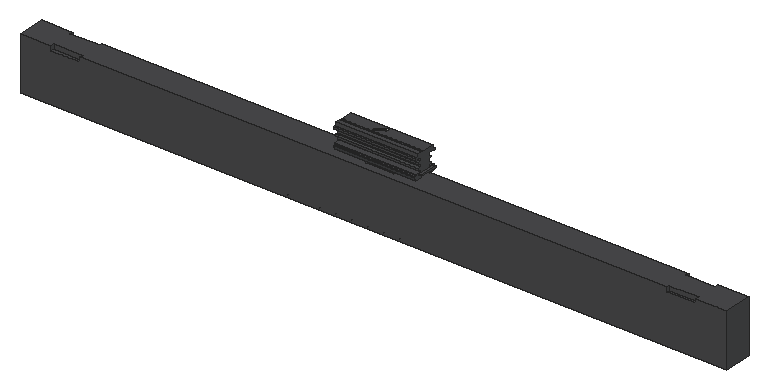
Revit family "DOT SINGLE HEAD RAIL 964_DTM40W9.5", category Luminarias, Revit 2019
Family settings
  Cota de conector redondo = Diámetro de uso
  Tipo de pieza = Normal
  Se basa en plano de trabajo = Sí
  Siempre vertical = Sí
  Corte con vacíos al cargar = No
  Origen de luz = Sí
  Compartido = No
  Punto de cálculo de habitación = No
Parameters (values of type "DOT SINGLE HEAD RAIL 964_DTM40W9.5.1535")
  Ángulo de inclinación = 60.00°
  Zone [instance] = ""
  Watt per fixture = 40
  Wattage = 40 W
  built-in parameter 1150107 = 3000 (stored number, unit not read)
  built-in parameter 1150110 = 1 (stored number, unit not read)
  built-in parameter 1150109 = 1 (stored number, unit not read)
  built-in parameter 1150112 = 1 (stored number, unit not read)
  built-in parameter 1150113 = 1 (stored number, unit not read)
  built-in parameter 1114218 = 1 (stored number, unit not read)
  Keynote = ""
  built-in parameter 1150137 = (empty or 0)
  built-in parameter 1150132 = (empty or 0)
  Modelo = "DTM40W9.5.1535"
  Lámpara = "3030SMD PHILIPS"
  built-in parameter 1150105 = 257.83 (stored number, unit not read)
  built-in parameter 1150102 = (empty or 0)
  built-in parameter 1150106 = 2.5783 (stored number, unit not read)
  Lumens = 3240 lm
  Color Filter = 16777215
  built-in parameter 1114217 = 1 (stored number, unit not read)
  built-in parameter 1150139 = (empty or 0)
  Fabricante = "BRILLANT"
  Default Elevation = 1219.2 mm
  built-in parameter 1150104 = 7.5251 (stored number, unit not read)
  Descripción = "LUMINARIA DOWNLIGHT EN FORMATO RECTANGULAR COMPATIBLE CON RIEL DE 6 ENTRADAS Y 3 CIRCUITOS CON CABEZAL PARA PODER DIRIGIR LA LUMINARIA HASTA 30 GRADOS, CUERPO DE ALUMINIO ACABADO EN COLOR NEGRO, IP 20, PESO 2.16Kg, TIPO DE LED 3030SMD PHILIPS CON 40W TOTAL, 3150 LUMENES, 81LM/W, IRC 90, TEMPERATURA EN BLANCO CALIDO 3000K, 50 MIL HORAS DE VIDA PROMEDIO, APERTURA ELIPTICA DE 15X35 GRADOS POR PROYECTO, ALIMENTADO A 90-240V"
  built-in parameter 1150115 = 1 (stored number, unit not read)
  built-in parameter 1150114 = 1 (stored number, unit not read)
  Comentarios de vataje = "90-240V"
  built-in parameter 1150138 = (empty or 0)
  built-in parameter 1150134 = (empty or 0)
  Circuit [instance] = ""
  Dimming Lamp Color Temperature Shift = (empty or 0)
  Archivo de red fotométrica = "L964A-40W-830-B-15X35_IESNA95.IES"
  built-in parameter 1150133 = 10 (stored number, unit not read)
Reference planes
  plane 1 "Centro (Frontal/Posterior)": y = 0
  plane 2: z = 0
  plane 3 "Centro (Izquierda/Derecha)": x = 0
Forms (mm)
  Extrusion 1, solid, material "Default Form"
    sketch origin (0, 0, 0) x (1, 0, 0) y (0, 0, 1)
      loop
        line (-482, 0) -> (-482, -72) -> (482, -72) -> (482, 0) -> (-482, 0)
    from -18.326 to 18.326
  Blend 2, void
    base sketch origin (0, 0, 0) x (1, 0, 0) y (0, 1, 0)
      loop
        line (-162, 16.149) -> (-162, -16.149) -> (-144.14, -16.149) -> (-144.14, 16.149) -> (-162, 16.149)
    top sketch origin (0, 0, 0) x (1, 0, 0) y (0, 1, 0)
      loop
        line (-160, 12.149) -> (-160, -12.149) -> (-146.14, -12.149) -> (-146.14, 12.149) -> (-160, 12.149)
    from -72 to -61.591
  Blend 3, void
    base sketch origin (21.86, 0, 0) x (1, 0, 0) y (0, 1, 0)
      loop
        line (-162, 16.149) -> (-162, -16.149) -> (-144.14, -16.149) -> (-144.14, 16.149) -> (-162, 16.149)
    top sketch origin (21.86, 0, 0) x (1, 0, 0) y (0, 1, 0)
      loop
        line (-160, 12.149) -> (-160, -12.149) -> (-146.14, -12.149) -> (-146.14, 12.149) -> (-160, 12.149)
    from -72 to -61.591
  Blend 4, void
    base sketch origin (43.72, 0, 0) x (1, 0, 0) y (0, 1, 0)
      loop
        line (-162, 16.149) -> (-162, -16.149) -> (-144.14, -16.149) -> (-144.14, 16.149) -> (-162, 16.149)
    top sketch origin (43.72, 0, 0) x (1, 0, 0) y (0, 1, 0)
      loop
        line (-160, 12.149) -> (-160, -12.149) -> (-146.14, -12.149) -> (-146.14, 12.149) -> (-160, 12.149)
    from -72 to -61.591
  Blend 5, void
    base sketch origin (65.58, 0, 0) x (1, 0, 0) y (0, 1, 0)
      loop
        line (-162, 16.149) -> (-162, -16.149) -> (-144.14, -16.149) -> (-144.14, 16.149) -> (-162, 16.149)
    top sketch origin (65.58, 0, 0) x (1, 0, 0) y (0, 1, 0)
      loop
        line (-160, 12.149) -> (-160, -12.149) -> (-146.14, -12.149) -> (-146.14, 12.149) -> (-160, 12.149)
    from -72 to -61.591
  Blend 6, void
    base sketch origin (87.44, 0, 0) x (1, 0, 0) y (0, 1, 0)
      loop
        line (-162, 16.149) -> (-162, -16.149) -> (-144.14, -16.149) -> (-144.14, 16.149) -> (-162, 16.149)
    top sketch origin (87.44, 0, 0) x (1, 0, 0) y (0, 1, 0)
      loop
        line (-160, 12.149) -> (-160, -12.149) -> (-146.14, -12.149) -> (-146.14, 12.149) -> (-160, 12.149)
    from -72 to -61.591
  Blend 7, void
    base sketch origin (109.3, 0, 0) x (1, 0, 0) y (0, 1, 0)
      loop
        line (-162, 16.149) -> (-162, -16.149) -> (-144.14, -16.149) -> (-144.14, 16.149) -> (-162, 16.149)
    top sketch origin (109.3, 0, 0) x (1, 0, 0) y (0, 1, 0)
      loop
        line (-160, 12.149) -> (-160, -12.149) -> (-146.14, -12.149) -> (-146.14, 12.149) -> (-160, 12.149)
    from -72 to -61.591
  Blend 8, void
    base sketch origin (131.16, 0, 0) x (1, 0, 0) y (0, 1, 0)
      loop
        line (-162, 16.149) -> (-162, -16.149) -> (-144.14, -16.149) -> (-144.14, 16.149) -> (-162, 16.149)
    top sketch origin (131.16, 0, 0) x (1, 0, 0) y (0, 1, 0)
      loop
        line (-160, 12.149) -> (-160, -12.149) -> (-146.14, -12.149) -> (-146.14, 12.149) -> (-160, 12.149)
    from -72 to -61.591
  Blend 9, void
    base sketch origin (153.02, 0, 0) x (1, 0, 0) y (0, 1, 0)
      loop
        line (-162, 16.149) -> (-162, -16.149) -> (-144.14, -16.149) -> (-144.14, 16.149) -> (-162, 16.149)
    top sketch origin (153.02, 0, 0) x (1, 0, 0) y (0, 1, 0)
      loop
        line (-160, 12.149) -> (-160, -12.149) -> (-146.14, -12.149) -> (-146.14, 12.149) -> (-160, 12.149)
    from -72 to -61.591
  Blend 10, void
    base sketch origin (174.88, 0, 0) x (1, 0, 0) y (0, 1, 0)
      loop
        line (-162, 16.149) -> (-162, -16.149) -> (-144.14, -16.149) -> (-144.14, 16.149) -> (-162, 16.149)
    top sketch origin (174.88, 0, 0) x (1, 0, 0) y (0, 1, 0)
      loop
        line (-160, 12.149) -> (-160, -12.149) -> (-146.14, -12.149) -> (-146.14, 12.149) -> (-160, 12.149)
    from -72 to -61.591
  Blend 11, void
    base sketch origin (196.74, 0, 0) x (1, 0, 0) y (0, 1, 0)
      loop
        line (-162, 16.149) -> (-162, -16.149) -> (-144.14, -16.149) -> (-144.14, 16.149) -> (-162, 16.149)
    top sketch origin (196.74, 0, 0) x (1, 0, 0) y (0, 1, 0)
      loop
        line (-160, 12.149) -> (-160, -12.149) -> (-146.14, -12.149) -> (-146.14, 12.149) -> (-160, 12.149)
    from -72 to -61.591
  Blend 12, void
    base sketch origin (218.6, 0, 0) x (1, 0, 0) y (0, 1, 0)
      loop
        line (-162, 16.149) -> (-162, -16.149) -> (-144.14, -16.149) -> (-144.14, 16.149) -> (-162, 16.149)
    top sketch origin (218.6, 0, 0) x (1, 0, 0) y (0, 1, 0)
      loop
        line (-160, 12.149) -> (-160, -12.149) -> (-146.14, -12.149) -> (-146.14, 12.149) -> (-160, 12.149)
    from -72 to -61.591
  Blend 13, void
    base sketch origin (240.46, 0, 0) x (1, 0, 0) y (0, 1, 0)
      loop
        line (-162, 16.149) -> (-162, -16.149) -> (-144.14, -16.149) -> (-144.14, 16.149) -> (-162, 16.149)
    top sketch origin (240.46, 0, 0) x (1, 0, 0) y (0, 1, 0)
      loop
        line (-160, 12.149) -> (-160, -12.149) -> (-146.14, -12.149) -> (-146.14, 12.149) -> (-160, 12.149)
    from -72 to -61.591
  Blend 14, void
    base sketch origin (262.32, 0, 0) x (1, 0, 0) y (0, 1, 0)
      loop
        line (-162, 16.149) -> (-162, -16.149) -> (-144.14, -16.149) -> (-144.14, 16.149) -> (-162, 16.149)
    top sketch origin (262.32, 0, 0) x (1, 0, 0) y (0, 1, 0)
      loop
        line (-160, 12.149) -> (-160, -12.149) -> (-146.14, -12.149) -> (-146.14, 12.149) -> (-160, 12.149)
    from -72 to -61.591
  Blend 15, void
    base sketch origin (284.18, 0, 0) x (1, 0, 0) y (0, 1, 0)
      loop
        line (-162, 16.149) -> (-162, -16.149) -> (-144.14, -16.149) -> (-144.14, 16.149) -> (-162, 16.149)
    top sketch origin (284.18, 0, 0) x (1, 0, 0) y (0, 1, 0)
      loop
        line (-160, 12.149) -> (-160, -12.149) -> (-146.14, -12.149) -> (-146.14, 12.149) -> (-160, 12.149)
    from -72 to -61.591
  Blend 16, void
    base sketch origin (306.04, 0, 0) x (1, 0, 0) y (0, 1, 0)
      loop
        line (-162, 16.149) -> (-162, -16.149) -> (-144.14, -16.149) -> (-144.14, 16.149) -> (-162, 16.149)
    top sketch origin (306.04, 0, 0) x (1, 0, 0) y (0, 1, 0)
      loop
        line (-160, 12.149) -> (-160, -12.149) -> (-146.14, -12.149) -> (-146.14, 12.149) -> (-160, 12.149)
    from -72 to -61.591
  Extrusion 17, solid, material "Default Form"
    sketch origin (-55.628, 0, 7.5) x (0, 1, 0) y (0, 0, 1)
      loop
        line (-7.273, 1.74) -> (7.273, 1.74) -> (7.273, 0) -> (15.231, 0) -> (17.006, 4.494) -> (15.021, 4.494) -> (14.058, 5.868) -> (14.058, 7.166) -> (6.473, 7.166) -> (6.473, 9.324) -> (10.169, 10.163) -> (10.169, 12.464) -> (6.473, 13.302) -> (6.473, 16.66) -> (10.169, 17.499) -> (10.169, 19.8) -> (6.473, 20.638) -> (6.473, 25.016) -> (13.839, 25.016) -> (14.514, 24.341) -> (15.775, 24.341) -> (15.775, 27.171) -> (14.73, 27.171) -> (14.058, 26.499) -> (6.473, 26.499) -> (6.473, 27.299) -> (12.377, 27.299) -> (12.377, 31.471) -> (-2.744, 31.471) -> (-2.744, 30.671) -> (-5.514, 30.671) -> (-5.514, 31.471) -> (-12.377, 31.471) -> (-12.377, 27.299) -> (-6.473, 27.299) -> (-6.473, 26.499) -> (-14.058, 26.499) -> (-14.73, 27.171) -> (-15.775, 27.171) -> (-15.775, 24.341) -> (-14.514, 24.341) -> (-13.839, 25.016) -> (-6.473, 25.016) -> (-6.473, 20.638) -> (-10.169, 19.8) -> (-10.169, 17.499) -> (-6.473, 16.66) -> (-6.473, 13.302) -> (-10.169, 12.464) -> (-10.169, 10.163) -> (-6.473, 9.324) -> (-6.473, 7.166) -> (-14.058, 7.166) -> (-14.058, 5.868) -> (-15.021, 4.494) -> (-17.006, 4.494) -> (-15.231, 0) -> (-7.273, 0) -> (-7.273, 1.74)
    from 0 to 111.256
  Extrusion 18, solid, material "Default Form"
    sketch origin (0, 0, 0) x (1, 0, 0) y (0, 1, 0)
      loop
        line (-19.12, 6.873) -> (-19.12, -6.873) -> (19.12, -6.873) -> (19.12, 6.873) -> (-19.12, 6.873)
    from 0 to 2.67
  Extrusion 19, solid, material "Default Form"
    sketch origin (0, 0, 0) x (1, 0, 0) y (0, 1, 0)
      loop
        line (-10.93, 3.188) -> (-10.93, -3.188) -> (10.93, -3.188) -> (10.93, 3.188) -> (-10.93, 3.188)
    from 2.67 to 7.5
  Extrusion 20, void
    sketch origin (0, 0, 0) x (1, 0, 0) y (0, 1, 0)
      loop
        line (-400.28, 18.326) -> (-440, 18.326) -> (-440, 14.276) -> (-400.28, 14.276) -> (-400.28, 18.326)
      loop
        line (-440, -18.326) -> (-400.28, -18.326) -> (-400.28, -14.276) -> (-440, -14.276) -> (-440, -18.326)
      loop
        line (400.28, 18.326) -> (400.28, 14.276) -> (440, 14.276) -> (440, 18.326) -> (400.28, 18.326)
      loop
        line (440, -18.326) -> (440, -14.276) -> (400.28, -14.276) -> (400.28, -18.326) -> (440, -18.326)
    from -6.015 to 0
  Extrusion 21, solid, material "Acero Inoxidable"
    sketch origin (0, -1.594, 0) x (1, 0, 0) y (0, 0, -1)
      loop
        line (-15, -38.971) -> (3.794, -45.811) -> (4.341, -44.308) -> (3.589, -44.034) -> (3.316, -44.786) -> (-12.661, -38.971) -> (-15, -38.971)
    from 0 to 3.188
  Extrusion 22, solid, material "Default Form"
    sketch origin (0, 0, 0) x (1, 0, 0) y (0, 1, 0)
      loop
        line (-55.628, 6.473) -> (-66.331, 6.473) -> (-66.331, 0) -> (-55.628, 0) -> (-55.628, 6.473)
      loop
        line (55.628, 12.377) -> (55.628, -12.149) -> (60.628, -12.149) -> (60.628, 12.377) -> (55.628, 12.377)
    from 13.368 to 15
  Blend 23, void
    base sketch origin (-87.44, 0, 0) x (1, 0, 0) y (0, 1, 0)
      loop
        line (-162, 16.149) -> (-162, -16.149) -> (-144.14, -16.149) -> (-144.14, 16.149) -> (-162, 16.149)
    top sketch origin (-87.44, 0, 0) x (1, 0, 0) y (0, 1, 0)
      loop
        line (-160, 12.149) -> (-160, -12.149) -> (-146.14, -12.149) -> (-146.14, 12.149) -> (-160, 12.149)
    from -72 to -61.591
  Blend 24, void
    base sketch origin (-65.58, 0, 0) x (1, 0, 0) y (0, 1, 0)
      loop
        line (-162, 16.149) -> (-162, -16.149) -> (-144.14, -16.149) -> (-144.14, 16.149) -> (-162, 16.149)
    top sketch origin (-65.58, 0, 0) x (1, 0, 0) y (0, 1, 0)
      loop
        line (-160, 12.149) -> (-160, -12.149) -> (-146.14, -12.149) -> (-146.14, 12.149) -> (-160, 12.149)
    from -72 to -61.591
  Blend 25, void
    base sketch origin (-43.72, 0, 0) x (1, 0, 0) y (0, 1, 0)
      loop
        line (-162, 16.149) -> (-162, -16.149) -> (-144.14, -16.149) -> (-144.14, 16.149) -> (-162, 16.149)
    top sketch origin (-43.72, 0, 0) x (1, 0, 0) y (0, 1, 0)
      loop
        line (-160, 12.149) -> (-160, -12.149) -> (-146.14, -12.149) -> (-146.14, 12.149) -> (-160, 12.149)
    from -72 to -61.591
  Blend 26, void
    base sketch origin (-21.86, 0, 0) x (1, 0, 0) y (0, 1, 0)
      loop
        line (-162, 16.149) -> (-162, -16.149) -> (-144.14, -16.149) -> (-144.14, 16.149) -> (-162, 16.149)
    top sketch origin (-21.86, 0, 0) x (1, 0, 0) y (0, 1, 0)
      loop
        line (-160, 12.149) -> (-160, -12.149) -> (-146.14, -12.149) -> (-146.14, 12.149) -> (-160, 12.149)
    from -72 to -61.591
  Blend 27, void
    base sketch origin (-109.3, 0, 0) x (1, 0, 0) y (0, 1, 0)
      loop
        line (-162, 16.149) -> (-162, -16.149) -> (-144.14, -16.149) -> (-144.14, 16.149) -> (-162, 16.149)
    top sketch origin (-109.3, 0, 0) x (1, 0, 0) y (0, 1, 0)
      loop
        line (-160, 12.149) -> (-160, -12.149) -> (-146.14, -12.149) -> (-146.14, 12.149) -> (-160, 12.149)
    from -72 to -61.591
  Blend 28, void
    base sketch origin (327.9, 0, 0) x (1, 0, 0) y (0, 1, 0)
      loop
        line (-162, 16.149) -> (-162, -16.149) -> (-144.14, -16.149) -> (-144.14, 16.149) -> (-162, 16.149)
    top sketch origin (327.9, 0, 0) x (1, 0, 0) y (0, 1, 0)
      loop
        line (-160, 12.149) -> (-160, -12.149) -> (-146.14, -12.149) -> (-146.14, 12.149) -> (-160, 12.149)
    from -72 to -61.591
  Blend 29, void
    base sketch origin (349.76, 0, 0) x (1, 0, 0) y (0, 1, 0)
      loop
        line (-162, 16.149) -> (-162, -16.149) -> (-144.14, -16.149) -> (-144.14, 16.149) -> (-162, 16.149)
    top sketch origin (349.76, 0, 0) x (1, 0, 0) y (0, 1, 0)
      loop
        line (-160, 12.149) -> (-160, -12.149) -> (-146.14, -12.149) -> (-146.14, 12.149) -> (-160, 12.149)
    from -72 to -61.591
  Blend 30, void
    base sketch origin (371.62, 0, 0) x (1, 0, 0) y (0, 1, 0)
      loop
        line (-162, 16.149) -> (-162, -16.149) -> (-144.14, -16.149) -> (-144.14, 16.149) -> (-162, 16.149)
    top sketch origin (371.62, 0, 0) x (1, 0, 0) y (0, 1, 0)
      loop
        line (-160, 12.149) -> (-160, -12.149) -> (-146.14, -12.149) -> (-146.14, 12.149) -> (-160, 12.149)
    from -72 to -61.591
  Blend 31, void
    base sketch origin (393.48, 0, 0) x (1, 0, 0) y (0, 1, 0)
      loop
        line (-162, 16.149) -> (-162, -16.149) -> (-144.14, -16.149) -> (-144.14, 16.149) -> (-162, 16.149)
    top sketch origin (393.48, 0, 0) x (1, 0, 0) y (0, 1, 0)
      loop
        line (-160, 12.149) -> (-160, -12.149) -> (-146.14, -12.149) -> (-146.14, 12.149) -> (-160, 12.149)
    from -72 to -61.591
  Blend 32, void
    base sketch origin (415.34, 0, 0) x (1, 0, 0) y (0, 1, 0)
      loop
        line (-162, 16.149) -> (-162, -16.149) -> (-144.14, -16.149) -> (-144.14, 16.149) -> (-162, 16.149)
    top sketch origin (415.34, 0, 0) x (1, 0, 0) y (0, 1, 0)
      loop
        line (-160, 12.149) -> (-160, -12.149) -> (-146.14, -12.149) -> (-146.14, 12.149) -> (-160, 12.149)
    from -72 to -61.591
  Blend 33, void
    base sketch origin (-196.74, 0, 0) x (1, 0, 0) y (0, 1, 0)
      loop
        line (-162, 16.149) -> (-162, -16.149) -> (-144.14, -16.149) -> (-144.14, 16.149) -> (-162, 16.149)
    top sketch origin (-196.74, 0, 0) x (1, 0, 0) y (0, 1, 0)
      loop
        line (-160, 12.149) -> (-160, -12.149) -> (-146.14, -12.149) -> (-146.14, 12.149) -> (-160, 12.149)
    from -72 to -61.591
  Blend 34, void
    base sketch origin (-174.88, 0, 0) x (1, 0, 0) y (0, 1, 0)
      loop
        line (-162, 16.149) -> (-162, -16.149) -> (-144.14, -16.149) -> (-144.14, 16.149) -> (-162, 16.149)
    top sketch origin (-174.88, 0, 0) x (1, 0, 0) y (0, 1, 0)
      loop
        line (-160, 12.149) -> (-160, -12.149) -> (-146.14, -12.149) -> (-146.14, 12.149) -> (-160, 12.149)
    from -72 to -61.591
  Blend 35, void
    base sketch origin (-153.02, 0, 0) x (1, 0, 0) y (0, 1, 0)
      loop
        line (-162, 16.149) -> (-162, -16.149) -> (-144.14, -16.149) -> (-144.14, 16.149) -> (-162, 16.149)
    top sketch origin (-153.02, 0, 0) x (1, 0, 0) y (0, 1, 0)
      loop
        line (-160, 12.149) -> (-160, -12.149) -> (-146.14, -12.149) -> (-146.14, 12.149) -> (-160, 12.149)
    from -72 to -61.591
  Blend 36, void
    base sketch origin (-131.16, 0, 0) x (1, 0, 0) y (0, 1, 0)
      loop
        line (-162, 16.149) -> (-162, -16.149) -> (-144.14, -16.149) -> (-144.14, 16.149) -> (-162, 16.149)
    top sketch origin (-131.16, 0, 0) x (1, 0, 0) y (0, 1, 0)
      loop
        line (-160, 12.149) -> (-160, -12.149) -> (-146.14, -12.149) -> (-146.14, 12.149) -> (-160, 12.149)
    from -72 to -61.591
  Blend 37, void
    base sketch origin (-218.6, 0, 0) x (1, 0, 0) y (0, 1, 0)
      loop
        line (-162, 16.149) -> (-162, -16.149) -> (-144.14, -16.149) -> (-144.14, 16.149) -> (-162, 16.149)
    top sketch origin (-218.6, 0, 0) x (1, 0, 0) y (0, 1, 0)
      loop
        line (-160, 12.149) -> (-160, -12.149) -> (-146.14, -12.149) -> (-146.14, 12.149) -> (-160, 12.149)
    from -72 to -61.591
  Blend 38, void
    base sketch origin (437.2, 0, 0) x (1, 0, 0) y (0, 1, 0)
      loop
        line (-162, 16.149) -> (-162, -16.149) -> (-144.14, -16.149) -> (-144.14, 16.149) -> (-162, 16.149)
    top sketch origin (437.2, 0, 0) x (1, 0, 0) y (0, 1, 0)
      loop
        line (-160, 12.149) -> (-160, -12.149) -> (-146.14, -12.149) -> (-146.14, 12.149) -> (-160, 12.149)
    from -72 to -61.591
  Blend 39, void
    base sketch origin (459.06, 0, 0) x (1, 0, 0) y (0, 1, 0)
      loop
        line (-162, 16.149) -> (-162, -16.149) -> (-144.14, -16.149) -> (-144.14, 16.149) -> (-162, 16.149)
    top sketch origin (459.06, 0, 0) x (1, 0, 0) y (0, 1, 0)
      loop
        line (-160, 12.149) -> (-160, -12.149) -> (-146.14, -12.149) -> (-146.14, 12.149) -> (-160, 12.149)
    from -72 to -61.591
  Blend 40, void
    base sketch origin (480.92, 0, 0) x (1, 0, 0) y (0, 1, 0)
      loop
        line (-162, 16.149) -> (-162, -16.149) -> (-144.14, -16.149) -> (-144.14, 16.149) -> (-162, 16.149)
    top sketch origin (480.92, 0, 0) x (1, 0, 0) y (0, 1, 0)
      loop
        line (-160, 12.149) -> (-160, -12.149) -> (-146.14, -12.149) -> (-146.14, 12.149) -> (-160, 12.149)
    from -72 to -61.591
  Blend 41, void
    base sketch origin (502.78, 0, 0) x (1, 0, 0) y (0, 1, 0)
      loop
        line (-162, 16.149) -> (-162, -16.149) -> (-144.14, -16.149) -> (-144.14, 16.149) -> (-162, 16.149)
    top sketch origin (502.78, 0, 0) x (1, 0, 0) y (0, 1, 0)
      loop
        line (-160, 12.149) -> (-160, -12.149) -> (-146.14, -12.149) -> (-146.14, 12.149) -> (-160, 12.149)
    from -72 to -61.591
  Blend 42, void
    base sketch origin (524.64, 0, 0) x (1, 0, 0) y (0, 1, 0)
      loop
        line (-162, 16.149) -> (-162, -16.149) -> (-144.14, -16.149) -> (-144.14, 16.149) -> (-162, 16.149)
    top sketch origin (524.64, 0, 0) x (1, 0, 0) y (0, 1, 0)
      loop
        line (-160, 12.149) -> (-160, -12.149) -> (-146.14, -12.149) -> (-146.14, 12.149) -> (-160, 12.149)
    from -72 to -61.591
Cuts and joins
  Blend 2, Blend 3, Blend 4, Blend 5, Blend 6, Blend 7, Blend 8, Blend 9, Blend 10, Blend 11, Blend 12, Blend 13, Blend 14, Blend 15, Blend 16, Extrusion 20, Blend 23, Blend 24, Blend 25, Blend 26, Blend 27, Blend 28, Blend 29, Blend 30, Blend 31, Blend 32, Blend 33, Blend 34, Blend 35, Blend 36, Blend 37, Blend 38, Blend 39, Blend 40, Blend 41, Blend 42 cuts Extrusion 1
Dimensions and locks
  equal spacing: Extrusion 1, plane 1 "Centro (Frontal/Posterior)", Extrusion 1
  Extrusion 1 to plane 1 "Centro (Frontal/Posterior)" = 18.326 mm
  Extrusion 1 to Extrusion 1 = 36.651 mm
  Extrusion 1 to Extrusion 1 = 72 mm
  Extrusion 1 to Extrusion 1 = 964 mm
  cut or joined group 1 (Extrusion 1, Blend 2, Blend 3, Blend 4, Blend 5, Blend 6, Blend 7, Blend 8, Blend 9, Blend 10, Blend 11, Blend 12, Blend 13, Blend 14, Blend 15, Blend 16, Extrusion 20, Blend 23, Blend 24, Blend 25, Blend 26, Blend 27, Blend 28, Blend 29, Blend 30, Blend 31, Blend 32, Blend 33, Blend 34, Blend 35, Blend 36, Blend 37, Blend 38, Blend 39, Blend 40, Blend 41, Blend 42) to cut or joined group 1 = 72 mm
  cut or joined group 1 to cut or joined group 1 = 36.651 mm
  cut or joined group 1 to cut or joined group 1 = 964 mm
  equal spacing: cut or joined group 1, plane 1 "Centro (Frontal/Posterior)", cut or joined group 1
  cut or joined group 1 to cut or joined group 1 = 42 mm
  aligned and locked: level to plane 2
  aligned and locked: Extrusion 19 to Extrusion 17
  aligned and locked: Extrusion 19 to Extrusion 18
Automatic sketch dimensions
  Extrusion 1 sketch curve to level = 0 mm
  Extrusion 1 sketch curve to level = 72 mm
  Extrusion 1 sketch curve to plane 3 "Centro (Izquierda/Derecha)" = 482 mm
  plane 3 "Centro (Izquierda/Derecha)" to Extrusion 1 sketch curve = 482 mm
  Blend 2 sketch curve to plane 1 "Centro (Frontal/Posterior)" = 16.149 mm
  Blend 2 sketch curve to plane 3 "Centro (Izquierda/Derecha)" = 162 mm
  Blend 2 sketch curve to Blend 2 sketch curve = 17.86 mm
  plane 1 "Centro (Frontal/Posterior)" to Blend 2 sketch curve = 16.149 mm
  Blend 2 sketch curve to plane 1 "Centro (Frontal/Posterior)" = 12.149 mm
  Blend 2 sketch curve to plane 3 "Centro (Izquierda/Derecha)" = 160 mm
  Blend 2 sketch curve to Blend 2 sketch curve = 13.86 mm
  plane 1 "Centro (Frontal/Posterior)" to Blend 2 sketch curve = 12.149 mm
  Blend 3 sketch curve to plane 1 "Centro (Frontal/Posterior)" = 16.149 mm
  Blend 3 sketch curve to plane 3 "Centro (Izquierda/Derecha)" = 140.14 mm
  Blend 3 sketch curve to Blend 3 sketch curve = 17.86 mm
  plane 1 "Centro (Frontal/Posterior)" to Blend 3 sketch curve = 16.149 mm
  Blend 3 sketch curve to plane 1 "Centro (Frontal/Posterior)" = 12.149 mm
  Blend 3 sketch curve to plane 3 "Centro (Izquierda/Derecha)" = 138.14 mm
  Blend 3 sketch curve to Blend 3 sketch curve = 13.86 mm
  plane 1 "Centro (Frontal/Posterior)" to Blend 3 sketch curve = 12.149 mm
  Blend 4 sketch curve to plane 1 "Centro (Frontal/Posterior)" = 16.149 mm
  Blend 4 sketch curve to plane 3 "Centro (Izquierda/Derecha)" = 118.28 mm
  Blend 4 sketch curve to Blend 4 sketch curve = 17.86 mm
  plane 1 "Centro (Frontal/Posterior)" to Blend 4 sketch curve = 16.149 mm
  Blend 4 sketch curve to plane 1 "Centro (Frontal/Posterior)" = 12.149 mm
  Blend 4 sketch curve to plane 3 "Centro (Izquierda/Derecha)" = 116.28 mm
  Blend 4 sketch curve to Blend 4 sketch curve = 13.86 mm
  plane 1 "Centro (Frontal/Posterior)" to Blend 4 sketch curve = 12.149 mm
  Blend 5 sketch curve to plane 1 "Centro (Frontal/Posterior)" = 16.149 mm
  Blend 5 sketch curve to plane 3 "Centro (Izquierda/Derecha)" = 96.42 mm
  Blend 5 sketch curve to Blend 5 sketch curve = 17.86 mm
  plane 1 "Centro (Frontal/Posterior)" to Blend 5 sketch curve = 16.149 mm
  Blend 5 sketch curve to plane 1 "Centro (Frontal/Posterior)" = 12.149 mm
  Blend 5 sketch curve to plane 3 "Centro (Izquierda/Derecha)" = 94.42 mm
  Blend 5 sketch curve to Blend 5 sketch curve = 13.86 mm
  plane 1 "Centro (Frontal/Posterior)" to Blend 5 sketch curve = 12.149 mm
  Blend 6 sketch curve to plane 1 "Centro (Frontal/Posterior)" = 16.149 mm
  Blend 6 sketch curve to plane 3 "Centro (Izquierda/Derecha)" = 74.56 mm
  Blend 6 sketch curve to Blend 6 sketch curve = 17.86 mm
  plane 1 "Centro (Frontal/Posterior)" to Blend 6 sketch curve = 16.149 mm
  Blend 6 sketch curve to plane 1 "Centro (Frontal/Posterior)" = 12.149 mm
  Blend 6 sketch curve to plane 3 "Centro (Izquierda/Derecha)" = 72.56 mm
  Blend 6 sketch curve to Blend 6 sketch curve = 13.86 mm
  plane 1 "Centro (Frontal/Posterior)" to Blend 6 sketch curve = 12.149 mm
  Blend 7 sketch curve to plane 1 "Centro (Frontal/Posterior)" = 16.149 mm
  Blend 7 sketch curve to plane 3 "Centro (Izquierda/Derecha)" = 52.7 mm
  Blend 7 sketch curve to Blend 7 sketch curve = 17.86 mm
  plane 1 "Centro (Frontal/Posterior)" to Blend 7 sketch curve = 16.149 mm
  Blend 7 sketch curve to plane 1 "Centro (Frontal/Posterior)" = 12.149 mm
  Blend 7 sketch curve to plane 3 "Centro (Izquierda/Derecha)" = 50.7 mm
  Blend 7 sketch curve to Blend 7 sketch curve = 13.86 mm
  plane 1 "Centro (Frontal/Posterior)" to Blend 7 sketch curve = 12.149 mm
  Blend 8 sketch curve to plane 3 "Centro (Izquierda/Derecha)" = 30.84 mm
  Blend 8 sketch curve to plane 3 "Centro (Izquierda/Derecha)" = 12.98 mm
  plane 1 "Centro (Frontal/Posterior)" to Blend 8 sketch curve = 16.149 mm
  Blend 8 sketch curve to plane 1 "Centro (Frontal/Posterior)" = 16.149 mm
  Blend 8 sketch curve to plane 1 "Centro (Frontal/Posterior)" = 12.149 mm
  Blend 8 sketch curve to plane 3 "Centro (Izquierda/Derecha)" = 28.84 mm
  Blend 8 sketch curve to Blend 8 sketch curve = 13.86 mm
  plane 1 "Centro (Frontal/Posterior)" to Blend 8 sketch curve = 12.149 mm
  Blend 9 sketch curve to plane 3 "Centro (Izquierda/Derecha)" = 8.98 mm
  plane 3 "Centro (Izquierda/Derecha)" to Blend 9 sketch curve = 8.88 mm
  plane 1 "Centro (Frontal/Posterior)" to Blend 9 sketch curve = 16.149 mm
  Blend 9 sketch curve to plane 1 "Centro (Frontal/Posterior)" = 16.149 mm
  Blend 9 sketch curve to plane 3 "Centro (Izquierda/Derecha)" = 6.98 mm
  plane 3 "Centro (Izquierda/Derecha)" to Blend 9 sketch curve = 6.88 mm
  plane 1 "Centro (Frontal/Posterior)" to Blend 9 sketch curve = 12.149 mm
  Blend 9 sketch curve to plane 1 "Centro (Frontal/Posterior)" = 12.149 mm
  plane 3 "Centro (Izquierda/Derecha)" to Blend 10 sketch curve = 12.88 mm
  Blend 10 sketch curve to Blend 10 sketch curve = 17.86 mm
  plane 1 "Centro (Frontal/Posterior)" to Blend 10 sketch curve = 16.149 mm
  Blend 10 sketch curve to plane 1 "Centro (Frontal/Posterior)" = 16.149 mm
  plane 3 "Centro (Izquierda/Derecha)" to Blend 10 sketch curve = 14.88 mm
  Blend 10 sketch curve to Blend 10 sketch curve = 13.86 mm
  plane 1 "Centro (Frontal/Posterior)" to Blend 10 sketch curve = 12.149 mm
  Blend 10 sketch curve to plane 1 "Centro (Frontal/Posterior)" = 12.149 mm
  Blend 11 sketch curve to plane 1 "Centro (Frontal/Posterior)" = 16.149 mm
  plane 3 "Centro (Izquierda/Derecha)" to Blend 11 sketch curve = 34.74 mm
  Blend 11 sketch curve to Blend 11 sketch curve = 17.86 mm
  plane 1 "Centro (Frontal/Posterior)" to Blend 11 sketch curve = 16.149 mm
  Blend 11 sketch curve to plane 1 "Centro (Frontal/Posterior)" = 12.149 mm
  plane 3 "Centro (Izquierda/Derecha)" to Blend 11 sketch curve = 36.74 mm
  Blend 11 sketch curve to Blend 11 sketch curve = 13.86 mm
  plane 1 "Centro (Frontal/Posterior)" to Blend 11 sketch curve = 12.149 mm
  Blend 12 sketch curve to plane 1 "Centro (Frontal/Posterior)" = 16.149 mm
  plane 3 "Centro (Izquierda/Derecha)" to Blend 12 sketch curve = 56.6 mm
  Blend 12 sketch curve to Blend 12 sketch curve = 17.86 mm
  plane 1 "Centro (Frontal/Posterior)" to Blend 12 sketch curve = 16.149 mm
  Blend 12 sketch curve to plane 1 "Centro (Frontal/Posterior)" = 12.149 mm
  plane 3 "Centro (Izquierda/Derecha)" to Blend 12 sketch curve = 58.6 mm
  Blend 12 sketch curve to Blend 12 sketch curve = 13.86 mm
  plane 1 "Centro (Frontal/Posterior)" to Blend 12 sketch curve = 12.149 mm
  Blend 13 sketch curve to plane 1 "Centro (Frontal/Posterior)" = 16.149 mm
  plane 3 "Centro (Izquierda/Derecha)" to Blend 13 sketch curve = 78.46 mm
  Blend 13 sketch curve to Blend 13 sketch curve = 17.86 mm
  plane 1 "Centro (Frontal/Posterior)" to Blend 13 sketch curve = 16.149 mm
  Blend 13 sketch curve to plane 1 "Centro (Frontal/Posterior)" = 12.149 mm
  plane 3 "Centro (Izquierda/Derecha)" to Blend 13 sketch curve = 80.46 mm
  Blend 13 sketch curve to Blend 13 sketch curve = 13.86 mm
  plane 1 "Centro (Frontal/Posterior)" to Blend 13 sketch curve = 12.149 mm
  Blend 14 sketch curve to plane 1 "Centro (Frontal/Posterior)" = 16.149 mm
  plane 3 "Centro (Izquierda/Derecha)" to Blend 14 sketch curve = 100.32 mm
  Blend 14 sketch curve to Blend 14 sketch curve = 17.86 mm
  plane 1 "Centro (Frontal/Posterior)" to Blend 14 sketch curve = 16.149 mm
  Blend 14 sketch curve to plane 1 "Centro (Frontal/Posterior)" = 12.149 mm
  plane 3 "Centro (Izquierda/Derecha)" to Blend 14 sketch curve = 102.32 mm
  Blend 14 sketch curve to Blend 14 sketch curve = 13.86 mm
  plane 1 "Centro (Frontal/Posterior)" to Blend 14 sketch curve = 12.149 mm
  Blend 15 sketch curve to plane 1 "Centro (Frontal/Posterior)" = 16.149 mm
  plane 3 "Centro (Izquierda/Derecha)" to Blend 15 sketch curve = 122.18 mm
  Blend 15 sketch curve to Blend 15 sketch curve = 17.86 mm
  plane 1 "Centro (Frontal/Posterior)" to Blend 15 sketch curve = 16.149 mm
  Blend 15 sketch curve to plane 1 "Centro (Frontal/Posterior)" = 12.149 mm
  plane 3 "Centro (Izquierda/Derecha)" to Blend 15 sketch curve = 124.18 mm
  Blend 15 sketch curve to Blend 15 sketch curve = 13.86 mm
  plane 1 "Centro (Frontal/Posterior)" to Blend 15 sketch curve = 12.149 mm
  Blend 16 sketch curve to plane 1 "Centro (Frontal/Posterior)" = 16.149 mm
  plane 3 "Centro (Izquierda/Derecha)" to Blend 16 sketch curve = 144.04 mm
  Blend 16 sketch curve to Blend 16 sketch curve = 17.86 mm
  plane 1 "Centro (Frontal/Posterior)" to Blend 16 sketch curve = 16.149 mm
  Blend 16 sketch curve to plane 1 "Centro (Frontal/Posterior)" = 12.149 mm
  plane 3 "Centro (Izquierda/Derecha)" to Blend 16 sketch curve = 146.04 mm
  Blend 16 sketch curve to Blend 16 sketch curve = 13.86 mm
  plane 1 "Centro (Frontal/Posterior)" to Blend 16 sketch curve = 12.149 mm
  plane 1 "Centro (Frontal/Posterior)" to Extrusion 17 sketch curve = 17.006 mm
  plane 1 "Centro (Frontal/Posterior)" to Extrusion 17 sketch curve = 15.775 mm
  level to Extrusion 17 sketch curve = 7.5 mm  (x2)
  Extrusion 17 sketch curve to Extrusion 17 sketch curve = 1.775 mm
  Extrusion 17 sketch curve to Extrusion 17 sketch curve = 1.985 mm  (x2)
  Extrusion 17 sketch curve to Extrusion 17 sketch curve = 1.045 mm
  Extrusion 17 sketch curve to Extrusion 17 sketch curve = 1.261 mm  (x2)
  Extrusion 17 sketch curve to Extrusion 17 sketch curve = 0.963 mm  (x2)
  Extrusion 17 sketch curve to Extrusion 17 sketch curve = 0.672 mm  (x4)
  Extrusion 17 sketch curve to Extrusion 17 sketch curve = 0.675 mm  (x3)
  Extrusion 17 sketch curve to Extrusion 17 sketch curve = 2.354 mm
  Extrusion 17 sketch curve to Extrusion 17 sketch curve = 4.345 mm
  Extrusion 17 sketch curve to Extrusion 17 sketch curve = 3.89 mm  (x2)
  plane 1 "Centro (Frontal/Posterior)" to Extrusion 17 sketch curve = 7.273 mm
  Extrusion 17 sketch curve to Extrusion 17 sketch curve = 3.696 mm  (x4)
  Extrusion 17 sketch curve to Extrusion 17 sketch curve = 5.904 mm  (x2)
  Extrusion 17 sketch curve to Extrusion 17 sketch curve = 0 mm  (x3)
  Extrusion 17 sketch curve to Extrusion 17 sketch curve = 0.959 mm
  plane 1 "Centro (Frontal/Posterior)" to Extrusion 17 sketch curve = 2.744 mm
  Extrusion 17 sketch curve to plane 1 "Centro (Frontal/Posterior)" = 6.473 mm  (x2)
  Extrusion 17 sketch curve to Extrusion 17 sketch curve = 0.8 mm  (x3)
  Extrusion 17 sketch curve to Extrusion 17 sketch curve = 1.462 mm
  Extrusion 17 sketch curve to Extrusion 17 sketch curve = 0.22 mm
  Extrusion 17 sketch curve to Extrusion 17 sketch curve = 0.21 mm
  Extrusion 17 sketch curve to Extrusion 17 sketch curve = 1.74 mm
  Extrusion 17 sketch curve to Extrusion 17 sketch curve = 4.494 mm  (x2)
  Extrusion 17 sketch curve to Extrusion 17 sketch curve = 1.375 mm  (x2)
  Extrusion 17 sketch curve to Extrusion 17 sketch curve = 5.426 mm  (x2)
  Extrusion 17 sketch curve to Extrusion 17 sketch curve = 2.158 mm  (x2)
  Extrusion 17 sketch curve to Extrusion 17 sketch curve = 0.839 mm  (x8)
  Extrusion 17 sketch curve to Extrusion 17 sketch curve = 2.301 mm  (x4)
  Extrusion 17 sketch curve to Extrusion 17 sketch curve = 3.358 mm  (x2)
  Extrusion 17 sketch curve to Extrusion 17 sketch curve = 4.541 mm  (x2)
  Extrusion 17 sketch curve to Extrusion 17 sketch curve = 4.378 mm
  Extrusion 17 sketch curve to Extrusion 17 sketch curve = 1.483 mm  (x2)
  Extrusion 17 sketch curve to Extrusion 17 sketch curve = 3.372 mm
  Extrusion 17 sketch curve to Extrusion 17 sketch curve = 4.172 mm  (x2)
  plane 1 "Centro (Frontal/Posterior)" to Extrusion 18 sketch curve = 6.873 mm
  Extrusion 18 sketch curve to plane 3 "Centro (Izquierda/Derecha)" = 19.12 mm
  plane 3 "Centro (Izquierda/Derecha)" to Extrusion 18 sketch curve = 19.12 mm
  Extrusion 18 sketch curve to plane 1 "Centro (Frontal/Posterior)" = 6.873 mm
  plane 1 "Centro (Frontal/Posterior)" to Extrusion 19 sketch curve = 3.188 mm
  Extrusion 19 sketch curve to plane 3 "Centro (Izquierda/Derecha)" = 10.93 mm
  plane 3 "Centro (Izquierda/Derecha)" to Extrusion 19 sketch curve = 10.93 mm
  Extrusion 19 sketch curve to plane 1 "Centro (Frontal/Posterior)" = 3.188 mm
  plane 1 "Centro (Frontal/Posterior)" to Extrusion 20 sketch curve = 18.326 mm  (x2)
  Extrusion 20 sketch curve to plane 3 "Centro (Izquierda/Derecha)" = 440 mm
  Extrusion 20 sketch curve to Extrusion 20 sketch curve = 0 mm  (x4)
  Extrusion 20 sketch curve to Extrusion 20 sketch curve = 39.72 mm  (x2)
  Extrusion 20 sketch curve to plane 1 "Centro (Frontal/Posterior)" = 18.326 mm
  plane 3 "Centro (Izquierda/Derecha)" to Extrusion 20 sketch curve = 400.28 mm
  Extrusion 20 sketch curve to Extrusion 20 sketch curve = 4.049 mm  (x4)
  Extrusion 20 sketch curve to plane 1 "Centro (Frontal/Posterior)" = 14.276 mm
  Extrusion 21 sketch curve to plane 3 "Centro (Izquierda/Derecha)" = 15 mm
  Extrusion 21 sketch curve to Extrusion 21 sketch curve = 2.339 mm
  plane 3 "Centro (Izquierda/Derecha)" to Extrusion 21 sketch curve = 3.316 mm
  Extrusion 21 sketch curve to Extrusion 21 sketch curve = 0.274 mm
  Extrusion 21 sketch curve to Extrusion 21 sketch curve = 0.478 mm
  Extrusion 21 sketch curve to Extrusion 21 sketch curve = 0.752 mm
  level to Extrusion 21 sketch curve = 45.811 mm
  plane 1 "Centro (Frontal/Posterior)" to Extrusion 22 sketch curve = 0 mm
  Extrusion 22 sketch curve to plane 1 "Centro (Frontal/Posterior)" = 6.473 mm
  Extrusion 22 sketch curve to plane 3 "Centro (Izquierda/Derecha)" = 66.331 mm
  Extrusion 22 sketch curve to Extrusion 22 sketch curve = 10.703 mm
  Extrusion 22 sketch curve to plane 1 "Centro (Frontal/Posterior)" = 12.377 mm
  plane 3 "Centro (Izquierda/Derecha)" to Extrusion 22 sketch curve = 55.628 mm
  Extrusion 22 sketch curve to Extrusion 22 sketch curve = 5 mm
  plane 1 "Centro (Frontal/Posterior)" to Extrusion 22 sketch curve = 12.149 mm
  Blend 23 sketch curve to plane 1 "Centro (Frontal/Posterior)" = 16.149 mm
  Blend 23 sketch curve to plane 3 "Centro (Izquierda/Derecha)" = 249.44 mm
  Blend 23 sketch curve to Blend 23 sketch curve = 17.86 mm
  plane 1 "Centro (Frontal/Posterior)" to Blend 23 sketch curve = 16.149 mm
  Blend 23 sketch curve to plane 1 "Centro (Frontal/Posterior)" = 12.149 mm
  Blend 23 sketch curve to plane 3 "Centro (Izquierda/Derecha)" = 247.44 mm
  Blend 23 sketch curve to Blend 23 sketch curve = 13.86 mm
  plane 1 "Centro (Frontal/Posterior)" to Blend 23 sketch curve = 12.149 mm
  Blend 24 sketch curve to plane 1 "Centro (Frontal/Posterior)" = 16.149 mm
  Blend 24 sketch curve to plane 3 "Centro (Izquierda/Derecha)" = 227.58 mm
  Blend 24 sketch curve to Blend 24 sketch curve = 17.86 mm
  plane 1 "Centro (Frontal/Posterior)" to Blend 24 sketch curve = 16.149 mm
  Blend 24 sketch curve to plane 1 "Centro (Frontal/Posterior)" = 12.149 mm
  Blend 24 sketch curve to plane 3 "Centro (Izquierda/Derecha)" = 225.58 mm
  Blend 24 sketch curve to Blend 24 sketch curve = 13.86 mm
  plane 1 "Centro (Frontal/Posterior)" to Blend 24 sketch curve = 12.149 mm
  Blend 25 sketch curve to plane 1 "Centro (Frontal/Posterior)" = 16.149 mm
  Blend 25 sketch curve to plane 3 "Centro (Izquierda/Derecha)" = 205.72 mm
  Blend 25 sketch curve to Blend 25 sketch curve = 17.86 mm
  plane 1 "Centro (Frontal/Posterior)" to Blend 25 sketch curve = 16.149 mm
  Blend 25 sketch curve to plane 1 "Centro (Frontal/Posterior)" = 12.149 mm
  Blend 25 sketch curve to plane 3 "Centro (Izquierda/Derecha)" = 203.72 mm
  Blend 25 sketch curve to Blend 25 sketch curve = 13.86 mm
  plane 1 "Centro (Frontal/Posterior)" to Blend 25 sketch curve = 12.149 mm
  Blend 26 sketch curve to plane 1 "Centro (Frontal/Posterior)" = 16.149 mm
  Blend 26 sketch curve to plane 3 "Centro (Izquierda/Derecha)" = 183.86 mm
  Blend 26 sketch curve to Blend 26 sketch curve = 17.86 mm
  plane 1 "Centro (Frontal/Posterior)" to Blend 26 sketch curve = 16.149 mm
  Blend 26 sketch curve to plane 1 "Centro (Frontal/Posterior)" = 12.149 mm
  Blend 26 sketch curve to plane 3 "Centro (Izquierda/Derecha)" = 181.86 mm
  Blend 26 sketch curve to Blend 26 sketch curve = 13.86 mm
  plane 1 "Centro (Frontal/Posterior)" to Blend 26 sketch curve = 12.149 mm
  Blend 27 sketch curve to plane 1 "Centro (Frontal/Posterior)" = 16.149 mm
  Blend 27 sketch curve to plane 3 "Centro (Izquierda/Derecha)" = 271.3 mm
  Blend 27 sketch curve to Blend 27 sketch curve = 17.86 mm
  plane 1 "Centro (Frontal/Posterior)" to Blend 27 sketch curve = 16.149 mm
  Blend 27 sketch curve to plane 1 "Centro (Frontal/Posterior)" = 12.149 mm
  Blend 27 sketch curve to plane 3 "Centro (Izquierda/Derecha)" = 269.3 mm
  Blend 27 sketch curve to Blend 27 sketch curve = 13.86 mm
  plane 1 "Centro (Frontal/Posterior)" to Blend 27 sketch curve = 12.149 mm
  Blend 28 sketch curve to plane 1 "Centro (Frontal/Posterior)" = 16.149 mm
  plane 3 "Centro (Izquierda/Derecha)" to Blend 28 sketch curve = 165.9 mm
  Blend 28 sketch curve to Blend 28 sketch curve = 17.86 mm
  plane 1 "Centro (Frontal/Posterior)" to Blend 28 sketch curve = 16.149 mm
  Blend 28 sketch curve to plane 1 "Centro (Frontal/Posterior)" = 12.149 mm
  plane 3 "Centro (Izquierda/Derecha)" to Blend 28 sketch curve = 167.9 mm
  Blend 28 sketch curve to Blend 28 sketch curve = 13.86 mm
  plane 1 "Centro (Frontal/Posterior)" to Blend 28 sketch curve = 12.149 mm
  Blend 29 sketch curve to plane 1 "Centro (Frontal/Posterior)" = 16.149 mm
  plane 3 "Centro (Izquierda/Derecha)" to Blend 29 sketch curve = 187.76 mm
  Blend 29 sketch curve to Blend 29 sketch curve = 17.86 mm
  plane 1 "Centro (Frontal/Posterior)" to Blend 29 sketch curve = 16.149 mm
  Blend 29 sketch curve to plane 1 "Centro (Frontal/Posterior)" = 12.149 mm
  plane 3 "Centro (Izquierda/Derecha)" to Blend 29 sketch curve = 189.76 mm
  Blend 29 sketch curve to Blend 29 sketch curve = 13.86 mm
  plane 1 "Centro (Frontal/Posterior)" to Blend 29 sketch curve = 12.149 mm
  Blend 30 sketch curve to plane 1 "Centro (Frontal/Posterior)" = 16.149 mm
  plane 3 "Centro (Izquierda/Derecha)" to Blend 30 sketch curve = 209.62 mm
  Blend 30 sketch curve to Blend 30 sketch curve = 17.86 mm
  plane 1 "Centro (Frontal/Posterior)" to Blend 30 sketch curve = 16.149 mm
  Blend 30 sketch curve to plane 1 "Centro (Frontal/Posterior)" = 12.149 mm
  plane 3 "Centro (Izquierda/Derecha)" to Blend 30 sketch curve = 211.62 mm
  Blend 30 sketch curve to Blend 30 sketch curve = 13.86 mm
  plane 1 "Centro (Frontal/Posterior)" to Blend 30 sketch curve = 12.149 mm
  Blend 31 sketch curve to plane 1 "Centro (Frontal/Posterior)" = 16.149 mm
  plane 3 "Centro (Izquierda/Derecha)" to Blend 31 sketch curve = 231.48 mm
  Blend 31 sketch curve to Blend 31 sketch curve = 17.86 mm
  plane 1 "Centro (Frontal/Posterior)" to Blend 31 sketch curve = 16.149 mm
  Blend 31 sketch curve to plane 1 "Centro (Frontal/Posterior)" = 12.149 mm
  plane 3 "Centro (Izquierda/Derecha)" to Blend 31 sketch curve = 233.48 mm
  Blend 31 sketch curve to Blend 31 sketch curve = 13.86 mm
  plane 1 "Centro (Frontal/Posterior)" to Blend 31 sketch curve = 12.149 mm
  Blend 32 sketch curve to plane 1 "Centro (Frontal/Posterior)" = 16.149 mm
  plane 3 "Centro (Izquierda/Derecha)" to Blend 32 sketch curve = 253.34 mm
  Blend 32 sketch curve to Blend 32 sketch curve = 17.86 mm
  plane 1 "Centro (Frontal/Posterior)" to Blend 32 sketch curve = 16.149 mm
  Blend 32 sketch curve to plane 1 "Centro (Frontal/Posterior)" = 12.149 mm
  plane 3 "Centro (Izquierda/Derecha)" to Blend 32 sketch curve = 255.34 mm
  Blend 32 sketch curve to Blend 32 sketch curve = 13.86 mm
  plane 1 "Centro (Frontal/Posterior)" to Blend 32 sketch curve = 12.149 mm
  Blend 33 sketch curve to plane 1 "Centro (Frontal/Posterior)" = 16.149 mm
  Blend 33 sketch curve to plane 3 "Centro (Izquierda/Derecha)" = 358.74 mm
  Blend 33 sketch curve to Blend 33 sketch curve = 17.86 mm
  plane 1 "Centro (Frontal/Posterior)" to Blend 33 sketch curve = 16.149 mm
  Blend 33 sketch curve to plane 1 "Centro (Frontal/Posterior)" = 12.149 mm
  Blend 33 sketch curve to plane 3 "Centro (Izquierda/Derecha)" = 356.74 mm
  Blend 33 sketch curve to Blend 33 sketch curve = 13.86 mm
  plane 1 "Centro (Frontal/Posterior)" to Blend 33 sketch curve = 12.149 mm
  Blend 34 sketch curve to plane 1 "Centro (Frontal/Posterior)" = 16.149 mm
  Blend 34 sketch curve to plane 3 "Centro (Izquierda/Derecha)" = 336.88 mm
  Blend 34 sketch curve to Blend 34 sketch curve = 17.86 mm
  plane 1 "Centro (Frontal/Posterior)" to Blend 34 sketch curve = 16.149 mm
  Blend 34 sketch curve to plane 1 "Centro (Frontal/Posterior)" = 12.149 mm
  Blend 34 sketch curve to plane 3 "Centro (Izquierda/Derecha)" = 334.88 mm
  Blend 34 sketch curve to Blend 34 sketch curve = 13.86 mm
  plane 1 "Centro (Frontal/Posterior)" to Blend 34 sketch curve = 12.149 mm
  Blend 35 sketch curve to plane 1 "Centro (Frontal/Posterior)" = 16.149 mm
  Blend 35 sketch curve to plane 3 "Centro (Izquierda/Derecha)" = 315.02 mm
  Blend 35 sketch curve to Blend 35 sketch curve = 17.86 mm
  plane 1 "Centro (Frontal/Posterior)" to Blend 35 sketch curve = 16.149 mm
  Blend 35 sketch curve to plane 1 "Centro (Frontal/Posterior)" = 12.149 mm
  Blend 35 sketch curve to plane 3 "Centro (Izquierda/Derecha)" = 313.02 mm
  Blend 35 sketch curve to Blend 35 sketch curve = 13.86 mm
  plane 1 "Centro (Frontal/Posterior)" to Blend 35 sketch curve = 12.149 mm
  Blend 36 sketch curve to plane 1 "Centro (Frontal/Posterior)" = 16.149 mm
  Blend 36 sketch curve to plane 3 "Centro (Izquierda/Derecha)" = 293.16 mm
  Blend 36 sketch curve to Blend 36 sketch curve = 17.86 mm
  plane 1 "Centro (Frontal/Posterior)" to Blend 36 sketch curve = 16.149 mm
  Blend 36 sketch curve to plane 1 "Centro (Frontal/Posterior)" = 12.149 mm
  Blend 36 sketch curve to plane 3 "Centro (Izquierda/Derecha)" = 291.16 mm
  Blend 36 sketch curve to Blend 36 sketch curve = 13.86 mm
  plane 1 "Centro (Frontal/Posterior)" to Blend 36 sketch curve = 12.149 mm
  Blend 37 sketch curve to plane 1 "Centro (Frontal/Posterior)" = 16.149 mm
  Blend 37 sketch curve to plane 3 "Centro (Izquierda/Derecha)" = 380.6 mm
  Blend 37 sketch curve to Blend 37 sketch curve = 17.86 mm
  plane 1 "Centro (Frontal/Posterior)" to Blend 37 sketch curve = 16.149 mm
  Blend 37 sketch curve to plane 1 "Centro (Frontal/Posterior)" = 12.149 mm
  Blend 37 sketch curve to plane 3 "Centro (Izquierda/Derecha)" = 378.6 mm
  Blend 37 sketch curve to Blend 37 sketch curve = 13.86 mm
  plane 1 "Centro (Frontal/Posterior)" to Blend 37 sketch curve = 12.149 mm
  Blend 38 sketch curve to plane 1 "Centro (Frontal/Posterior)" = 16.149 mm
  plane 3 "Centro (Izquierda/Derecha)" to Blend 38 sketch curve = 275.2 mm
  Blend 38 sketch curve to Blend 38 sketch curve = 17.86 mm
  plane 1 "Centro (Frontal/Posterior)" to Blend 38 sketch curve = 16.149 mm
  Blend 38 sketch curve to plane 1 "Centro (Frontal/Posterior)" = 12.149 mm
  plane 3 "Centro (Izquierda/Derecha)" to Blend 38 sketch curve = 277.2 mm
  Blend 38 sketch curve to Blend 38 sketch curve = 13.86 mm
  plane 1 "Centro (Frontal/Posterior)" to Blend 38 sketch curve = 12.149 mm
  Blend 39 sketch curve to plane 1 "Centro (Frontal/Posterior)" = 16.149 mm
  plane 3 "Centro (Izquierda/Derecha)" to Blend 39 sketch curve = 297.06 mm
  Blend 39 sketch curve to Blend 39 sketch curve = 17.86 mm
  plane 1 "Centro (Frontal/Posterior)" to Blend 39 sketch curve = 16.149 mm
  Blend 39 sketch curve to plane 1 "Centro (Frontal/Posterior)" = 12.149 mm
  plane 3 "Centro (Izquierda/Derecha)" to Blend 39 sketch curve = 299.06 mm
  Blend 39 sketch curve to Blend 39 sketch curve = 13.86 mm
  plane 1 "Centro (Frontal/Posterior)" to Blend 39 sketch curve = 12.149 mm
  Blend 40 sketch curve to plane 1 "Centro (Frontal/Posterior)" = 16.149 mm
  plane 3 "Centro (Izquierda/Derecha)" to Blend 40 sketch curve = 318.92 mm
  Blend 40 sketch curve to Blend 40 sketch curve = 17.86 mm
  plane 1 "Centro (Frontal/Posterior)" to Blend 40 sketch curve = 16.149 mm
  Blend 40 sketch curve to plane 1 "Centro (Frontal/Posterior)" = 12.149 mm
  plane 3 "Centro (Izquierda/Derecha)" to Blend 40 sketch curve = 320.92 mm
  Blend 40 sketch curve to Blend 40 sketch curve = 13.86 mm
  plane 1 "Centro (Frontal/Posterior)" to Blend 40 sketch curve = 12.149 mm
  Blend 41 sketch curve to plane 1 "Centro (Frontal/Posterior)" = 16.149 mm
  plane 3 "Centro (Izquierda/Derecha)" to Blend 41 sketch curve = 340.78 mm
  Blend 41 sketch curve to Blend 41 sketch curve = 17.86 mm
  plane 1 "Centro (Frontal/Posterior)" to Blend 41 sketch curve = 16.149 mm
  Blend 41 sketch curve to plane 1 "Centro (Frontal/Posterior)" = 12.149 mm
  plane 3 "Centro (Izquierda/Derecha)" to Blend 41 sketch curve = 342.78 mm
  Blend 41 sketch curve to Blend 41 sketch curve = 13.86 mm
  plane 1 "Centro (Frontal/Posterior)" to Blend 41 sketch curve = 12.149 mm
  Blend 42 sketch curve to plane 1 "Centro (Frontal/Posterior)" = 16.149 mm
  plane 3 "Centro (Izquierda/Derecha)" to Blend 42 sketch curve = 362.64 mm
  Blend 42 sketch curve to Blend 42 sketch curve = 17.86 mm
  plane 1 "Centro (Frontal/Posterior)" to Blend 42 sketch curve = 16.149 mm
  Blend 42 sketch curve to plane 1 "Centro (Frontal/Posterior)" = 12.149 mm
  plane 3 "Centro (Izquierda/Derecha)" to Blend 42 sketch curve = 364.64 mm
  Blend 42 sketch curve to Blend 42 sketch curve = 13.86 mm
  plane 1 "Centro (Frontal/Posterior)" to Blend 42 sketch curve = 12.149 mm
Connectors
  electrical at (0, 0, 0)
    settings: on cut or joined group 1, index 1, voltage 240 V, apparent load 0 VA, apparent load phase1 0 VA, apparent load phase2 0 VA, apparent load phase3 0 VA, power factor 1, load classification "Otro", number of poles 1, system type 31, power factor state 1, is connector primary yes, connector utility no, sub classification motor no, connector description ""
